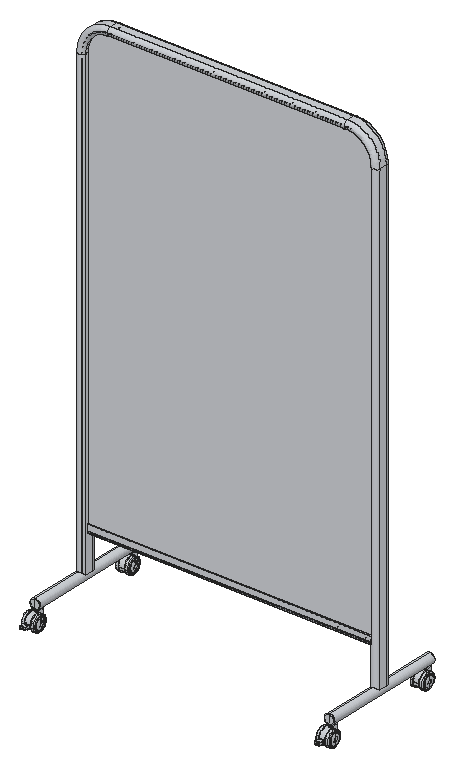
Revit family "Goal Fabric Pinboard", category Furniture, Revit 2016 (continued)
Forms (in)
  Extrusion 83, solid, material <- "Frame", not visible
    sketch origin (0, 0, -3.25) x (0, 1, 0) y (0, 0, 1)
      loop
        line (-0.15781, 11.54522) -> (-0.33, 11.54522)
        arc (-0.33, 11.54522) -> (-0.34414, 11.53936) -> (-0.35, 11.52522) r 0.02
        line (-0.35, 11.52522) -> (-0.35, 11.36022)
        arc (-0.35, 11.36022) -> (0, 11.01022) -> (0.35, 11.36022) r 0.35
        line (0.35, 11.36022) -> (0.35, 11.52522)
        arc (0.35, 11.52522) -> (0.34414, 11.53936) -> (0.33, 11.54522) r 0.02
        line (0.33, 11.54522) -> (0.15781, 11.54522)
        arc (0.15781, 11.54522) -> (0.13953, 11.53286) -> (0.14421, 11.5113) r 0.01969
        arc (0.14421, 11.5113) -> (0.19202, 11.44238) -> (0.20886, 11.36022) r 0.20886
        arc (0.20886, 11.36022) -> (0.19186, 11.27769) -> (0.14364, 11.20859) r 0.20886
        arc (0.14364, 11.20859) -> (0.09341, 11.20995) -> (0.09476, 11.26018) r 0.03553
        arc (0.09476, 11.26018) -> (0.12658, 11.30577) -> (0.1378, 11.36022) r 0.1378
        arc (0.1378, 11.36022) -> (0, 11.49801) -> (-0.1378, 11.36022) r 0.1378
        arc (-0.1378, 11.36022) -> (-0.12658, 11.30577) -> (-0.09476, 11.26018) r 0.1378
        arc (-0.09476, 11.26018) -> (-0.09341, 11.20995) -> (-0.14364, 11.20859) r 0.03553
        arc (-0.14364, 11.20859) -> (-0.19186, 11.27769) -> (-0.20886, 11.36022) r 0.20886
        arc (-0.20886, 11.36022) -> (-0.19202, 11.44238) -> (-0.14421, 11.5113) r 0.20886
        arc (-0.14421, 11.5113) -> (-0.13953, 11.53286) -> (-0.15781, 11.54522) r 0.01969
    from 18.25 to -18.25
  Extrusion 84, solid, material <- "Frame", not visible
    sketch origin (0, 0, -3.25) x (0, 1, 0) y (0, 0, 1)
      loop
        line (0.35, 12.16831) -> (0.35, 11.64022)
        arc (0.35, 11.64022) -> (0.34414, 11.62608) -> (0.33, 11.62022) r 0.02
        line (0.33, 11.62022) -> (-0.33, 11.62022)
        arc (-0.33, 11.62022) -> (-0.34414, 11.62608) -> (-0.35, 11.64022) r 0.02
        line (-0.35, 11.64022) -> (-0.35, 12.16831)
        arc (-0.35, 12.16831) -> (-0.40174, 12.15765) -> (-0.425, 12.11022) r 0.06
        line (-0.425, 12.11022) -> (-0.425, 11.36022)
        arc (-0.425, 11.36022) -> (0, 10.93522) -> (0.425, 11.36022) r 0.425
        line (0.425, 11.36022) -> (0.425, 12.11022)
        arc (0.425, 12.11022) -> (0.40174, 12.15765) -> (0.35, 12.16831) r 0.06
    from -18.25 to 18.25
  Revolve 85, solid, material <- "Frame", not visible
    sketch origin (-18.78122, -0.41384, 1.99069) x (0, 1, 0) y (0, 0, -1)
      loop
        line (-7.58616, -0.88426) -> (-7.58616, -1.48091)
        arc (-7.58616, -1.48091) -> (-7.57787, -1.50093) -> (-7.55784, -1.50923) r 0.02832
        line (-7.55784, -1.50923) -> (8.38552, -1.50923)
        arc (8.38552, -1.50923) -> (8.4051, -1.50137) -> (8.41381, -1.48216) r 0.02832
        line (8.41381, -1.48216) -> (8.41381, -0.88426) -> (-7.58616, -0.88426)
      axis (-7.58616, -0.88426) -> (8.41381, -0.88426)
    angle from 0 to 360
  Extrusion 86, solid, material <- "Frame", not visible
    sketch origin (0.84375, 0, 0) x (1, 0, 0) y (0, 1, 0)
      loop
        line (-19.125, -0.35) -> (-19.125, 0.35) -> (-20.02096, 0.35) -> (-20.02096, -0.35) -> (-19.125, -0.35)
    from 3.24463 to 15.77711
  Revolve 87, solid, material <- "Frame", not visible
    sketch origin (18.74997, -0.41384, 1.99069) x (0, 1, 0) y (0, 0, 1)
      loop
        line (-7.58616, 0.88426) -> (8.41381, 0.88426) -> (8.41381, 1.48216)
        arc (8.41381, 1.48216) -> (8.4051, 1.50137) -> (8.38552, 1.50923) r 0.02832
        line (8.38552, 1.50923) -> (-7.55784, 1.50923)
        arc (-7.55784, 1.50923) -> (-7.57787, 1.50093) -> (-7.58616, 1.48091) r 0.02832
        line (-7.58616, 1.48091) -> (-7.58616, 0.88426)
      axis (-7.58616, 0.88426) -> (8.41381, 0.88426)
    angle from 0 to 360
  Extrusion 88, solid, material <- "Frame", not visible
    sketch origin (-0.875, 0, 0) x (-1, 0, 0) y (0, -1, 0)
      loop
        line (-19.125, 0.35) -> (-20.02096, 0.35) -> (-20.02096, -0.35) -> (-19.125, -0.35) -> (-19.125, 0.35)
    from 3.24463 to 15.77711
Cuts and joins
  Extrusion 15 cuts Extrusion 14
  Extrusion 45 cuts Extrusion 34
Dimensions and locks (in)
  aligned and locked: level to plane 2
  aligned and locked: Extrusion 45 to Extrusion 34
  aligned and locked: Extrusion 26 to Extrusion 45
